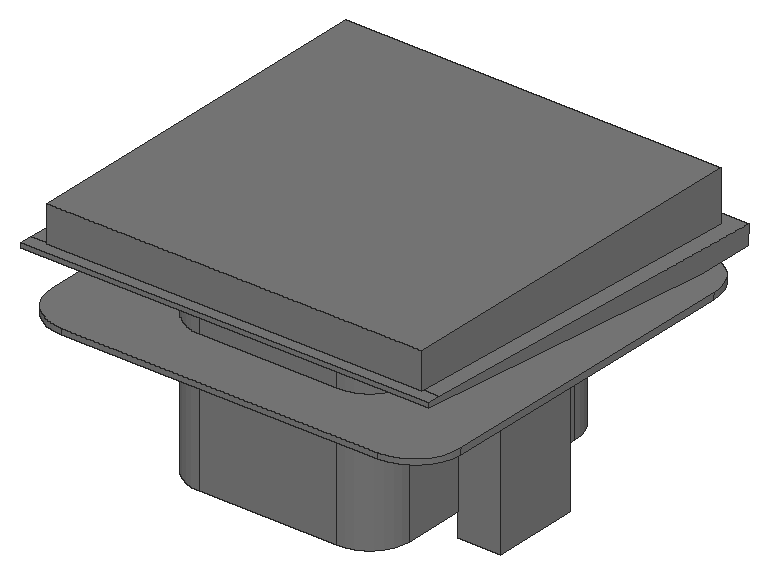
Revit family "Gira_260567", category Electrical Fixtures, host Face, Revit 2017
Family settings
  Host = Face
  Maintain Annotation Orientation = Yes
  Round Connector Dimension = Use Diameter
  Part Type = Normal
  Cut with Voids When Loaded = No
  Shared = No
  Room Calculation Point = No
Parameters (values of type "Gira Keyless In Codetastatur Gira TX_44 (WG UP) Anthrazit")
  Werkstoffgüte = "sonstige"
  Werkstoff = "sonstige"
  URL = "http://katalog.gira.de/de_DE/datenblatt.html?artikelnr=260567"
  Transparent = "No"
  Schutzart (IP) = "IP44"
  Region = "DE"
  Oberfläche = "sonstige"
  Name = "Gira Keyless In Codetastatur Gira TX_44 (WG UP) Anthrazit"
  Montageart = "unter Putz"
  Mit Busankopplung = "Yes"
  Manufacturer URL = "https://www.gira.de/"
  Keynote = "TX44_Komplettgerät_Schalten und Tasten"
  HeinzeBIM = "https://bimportal.heinze.de/bim/gira-keyless-in-codetastatur-gira-tx-44-wg-up-anthrazit/a896c59488e043292c2d256baccf3dfa6e17c18c"
  HAN = "260567"
  GTIN = "4010337051435"
  Farbe = "anthrazit"
  Default Elevation = 1219.2 mm
  Data sheet (1) = "https://katalog.gira.de/de_DE/download.html?artikelnr=260567"
  Category = "Bussystem-Zutrittskontrolleinrichtung"
  Bussystem Powernet = "No"
  Bussystem LON = "No"
  Bussystem KNX-Funk = "No"
  Bussystem KNX = "No"
  Bussystem Funkbus = "No"
  Available = "Yes"
  Ausführung der Oberfläche = "nicht zutreffend"
  Ausführung = "Codeschloss"
  Andere Bussysteme = "sonstige"
Reference planes
  plane 1 "Center (Front/Back)": y = 0
  plane 2 "Reference Level 0": z = 0
  plane 3 "Center (Left/Right)": x = 0
  plane 4: z = -28.6
Forms (mm)
  Extrusion 1, solid, material "Default", detail levels fine
    sketch origin (0, 0, 0) x (1, 0, 0) y (0, 1, 0)
      loop
        line (-32.604, 32.5) -> (-32.604, -32.5) -> (32.735, -32.5) -> (32.735, 32.5) -> (-32.604, 32.5)
    from 0 to 12.3
  Extrusion 2, solid, material "Default", detail levels fine
    sketch origin (0, 0, 0) x (0, 1, 0) y (0, 0, 1)
      loop
        line (35, 3.483) -> (-32.2, 6) -> (-34.55, 6) -> (-34.536, 5.199) -> (24.886, 0) -> (34.939, 0) -> (35, 3.483)
    from -35.5 to 35.5
  Extrusion 3, void
    sketch origin (0, 0, 0) x (0, 1, 0) y (0, 0, 1)
      loop
        line (42.419, 3.205) -> (-32.2, 6) -> (-42.193, 6) -> (-42.193, -11.826) -> (42.419, -11.826) -> (42.419, 3.205)
    from -64.194 to 61.264
  Extrusion 4, solid, material "Default", detail levels fine
    sketch origin (0, 0, 0) x (1, 0, 0) y (0, 1, 0)
      loop
        arc (35.5, 27.5) -> (33.157, 33.157) -> (27.5, 35.5) r 8
        line (27.5, 35.5) -> (-27.5, 35.5)
        arc (-27.5, 35.5) -> (-33.157, 33.157) -> (-35.5, 27.5) r 8
        line (-35.5, 27.5) -> (-35.5, -27.5)
        arc (-35.5, -27.5) -> (-33.157, -33.157) -> (-27.5, -35.5) r 8
        line (-27.5, -35.5) -> (27.5, -35.5)
        arc (27.5, -35.5) -> (33.157, -33.157) -> (35.5, -27.5) r 8
        line (35.5, -27.5) -> (35.5, 27.5)
    from -4.1 to -5.1
  Extrusion 5, solid, material "Default", detail levels fine
    sketch origin (0, 0, 0) x (1, 0, 0) y (0, 1, 0)
      loop
        arc (-12, 25) -> (-16.95, 22.95) -> (-19, 18) r 7
        line (-19, 18) -> (-19, -18)
        arc (-19, -18) -> (-16.95, -22.95) -> (-12, -25) r 7
        line (-12, -25) -> (12, -25)
        arc (12, -25) -> (16.95, -22.95) -> (19, -18) r 7
        line (19, -18) -> (19, 18)
        arc (19, 18) -> (16.95, 22.95) -> (12, 25) r 7
        line (12, 25) -> (-12, 25)
    from 4.692 to -28.6
  Extrusion 6, solid, material "Default", detail levels fine
    sketch origin (0, 0, 0) x (1, 0, 0) y (0, 1, 0)
      loop
        line (-26.5, -7.5) -> (-19, -7.5) -> (-19, 7.5) -> (-26.5, 7.5) -> (-26.5, -7.5)
    from -5.1 to -32.6
  Extrusion 7, solid, material "Default", detail levels fine
    sketch origin (0, 0, 0) x (-1, 0, 0) y (0, -1, 0)
      loop
        line (-26.5, 7.5) -> (-26.5, -7.5) -> (-19, -7.5) -> (-19, 7.5) -> (-26.5, 7.5)
    from -5.1 to -32.6
  Extrusion 8, solid, material "Default", detail levels medium
    sketch origin (0, 0, 0) x (1, 0, 0) y (0, 1, 0)
      loop
        line (-32.604, 32.5) -> (-32.604, -32.5) -> (32.735, -32.5) -> (32.735, 32.5) -> (-32.604, 32.5)
    from 0 to 12.3
  Extrusion 9, solid, material "Default", detail levels medium
    sketch origin (0, 0, 0) x (0, 1, 0) y (0, 0, 1)
      loop
        line (35, 3.483) -> (-32.2, 6) -> (-34.55, 6) -> (-34.445, 0) -> (34.939, 0) -> (35, 3.483)
    from -35.5 to 35.5
  Extrusion 10, solid, material "Default", detail levels medium
    sketch origin (0, 0, 0) x (1, 0, 0) y (0, 1, 0)
      loop
        line (-26.5, 25) -> (-26.5, -25) -> (26.5, -25) -> (26.5, 25) -> (-26.5, 25)
    from 4.692 to -32.6
  Extrusion 11, solid, material "Default", detail levels medium
    sketch origin (0, 0, 0) x (1, 0, 0) y (0, 1, 0)
      loop
        line (35.5, 35.5) -> (-35.5, 35.5) -> (-35.5, -35.5) -> (35.5, -35.5) -> (35.5, 35.5)
    from -4.1 to -5.1
  Extrusion 12, solid, material "Default", detail levels coarse
    sketch origin (0, 0, 0) x (1, 0, 0) y (0, 1, 0)
      loop
        line (35.5, 35.5) -> (-35.5, 35.5) -> (-35.5, -35.5) -> (35.5, -35.5) -> (35.5, 35.5)
    from -32.6 to 12.3
Cuts and joins
  Extrusion 3 cuts Extrusion 1
  joined: Extrusion 1, Extrusion 2, Extrusion 4, Extrusion 5, Extrusion 6, Extrusion 7
Dimensions and locks
  Extrusion 12 to Extrusion 12 = 44.9 mm
  aligned and locked: plane 2 "Reference Level 0" to host face
  aligned and locked: level to host face
  aligned and locked: plane 3 "Center (Left/Right)" to nested 1
  aligned and locked: plane 1 "Center (Front/Back)" to nested 1
Nested families
  nested 1: "Schalter" at (0, 0, 0), type "Schalter"
Connectors
  electrical at (0, 0, -32.6)
    settings: on Extrusion 12, index 1, voltage 220 V, apparent load 0 VA, apparent load phase1 0 VA, apparent load phase2 0 VA, apparent load phase3 0 VA, power factor 1, load classification "Other", number of poles 1, system type 30, power factor state 1, is connector primary yes, connector utility no, sub classification motor no, connector description ""
Definition of nested family "Schalter"
  Reference planes
    plane 1: y = 0
    plane 2: x = 0
  Lines and regions (mm)
    detail lines
      curve 1: circle (1.375, 2.778, 0) r 0.8 normal (0, 0, 1)
      curve 2: line (1.021, 2.061, 0) -> (0, 0, 0)
      curve 3: line (0, 0, 0) -> (-0.538, 0.266, 0)
  Dimensions and locks
    curve 2 to curve 2 = 2.3 mm
    curve 3 to curve 2 = 0.6 mm
    radius of curve 1 = 0.8 mm
